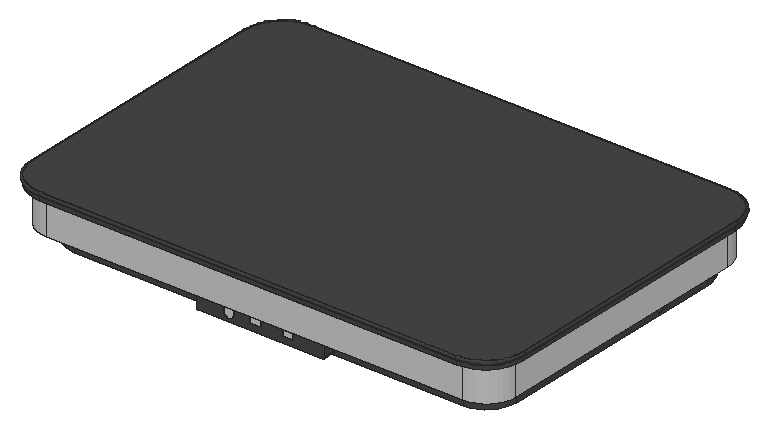
Revit family "QF_Vollrath_59508DW_cat", category Specialty Equipment, Revit 2016
Family settings
  Part Type = Normal
  Round Connector Dimension = Use Diameter
  OmniClass Number = 23.40.40.00
  OmniClass Title = Food Service Equipment and Furnishings
  Work Plane-Based = Yes
  Always vertical = Yes
  Cut with Voids When Loaded = Yes
  Shared = No
  Room Calculation Point = No
Parameters (values of type "120/50/1")
  Width = 23"
  Weight in Pounds = 14.9
  Watts = 375 W
  Watermarked By = ""
  Volts = 120 V
  URL Cutsheet = ""
  Status [instance] = ""
  Specification by User [instance] = ""
  Specification by Manufacturer [instance] = ""
  Serial Number [instance] = ""
  Revision Code [instance] = ""
  Phase = 1
  Number of Poles [instance] = 1
  NAFEM Spec ID Number [instance] = ""
  Model = "59508DW"
  Masterspec [instance] = ""
  Manufacturer = "Vollrath"
  Item Number [instance] = "-"
  Installed By [instance] = ""
  Furnished By [instance] = ""
  Foodservice Equipment Identifier = yes
  FL Amps = 3.15 A
  Electrical Remarks [instance] = ""
  Electric Connection Type = ""
  Elec Conn RI Height [instance] = 0"
  Elec Conn Connection Height = 0"
  Description = "Buffet Induction Warmer"
  Depth = 16"
  Default Elevation = 36"
  Cycle = 50 Hz
  Conn Plug = "NEMA 5-15P"
  CSI MasterFormat = ""
  Apparent Power = if(Phase = 3, Volts * FL Amps * 1.73, Volts * FL Amps)  # 378 VA
Types (3): name | Cycle
  (no name) | 50 Hz
  120/50/1 | 50 Hz
  120/60/1 | 60 Hz
Reference planes (in)
  plane 1 "BACK": y = 0
  plane 2 "BOTTOM": z = -2.69
  plane 3 "LEFT": x = -16.56573
  plane 4 "RIGHT": x = 6.43427
  plane 5 "FRONT": y = -16
  plane 6 "TOP": z = 0.38
  plane 7 "Leg Left": x = -14.56573
  plane 8 "Leg Right": x = 4.43427
  plane 9 "Leg Front": y = -13.57
  plane 10 "Leg Back": y = -2.43
  plane 11 "Top of Legs": z = -2.47
  plane 12 "Bottom of Body": z = -1.63
  plane 13 "Bottom of Lip": z = 0
  plane 14: z = 0.21
  plane 15: x = -5.06573
  plane 16: y = -8
Forms (in)
  Extrusion 1, void
    sketch origin (0, 0, -2.69) x (1, 0, 0) y (0, 1, 0)
      loop
        line (-16.22198, -1.71875) -> (-16.22198, -14.28125)
        arc (-16.22198, -14.28125) -> (-15.81925, -15.25352) -> (-14.84698, -15.65625) r 1.375
        line (-14.84698, -15.65625) -> (4.71552, -15.65625)
        arc (4.71552, -15.65625) -> (5.6878, -15.25352) -> (6.09052, -14.28125) r 1.375
        line (6.09052, -14.28125) -> (6.09052, -1.71875)
        arc (6.09052, -1.71875) -> (5.6878, -0.74648) -> (4.71552, -0.34375) r 1.375
        line (4.71552, -0.34375) -> (-14.84698, -0.34375)
        arc (-14.84698, -0.34375) -> (-15.81925, -0.74648) -> (-16.22198, -1.71875) r 1.375
    from 0 to 2.69
Lines and regions (in)
  symbolic lines, style "QF_Details_Cutout"
    curve 1: line (-16.22198, -16, 0.38) -> (-16.22198, -16, 1.38)
    curve 2: line (6.09052, -16, 0.38) -> (6.09052, -16, 1.38)
    curve 3: line (4.43427, -0.34375, 0.38) -> (4.43427, -0.34375, 1.38)
    curve 4: line (4.43427, -15.65625, 0.38) -> (4.43427, -15.65625, 1.38)
Dimensions and locks (in)
  "Width": plane 3 "LEFT" to plane 4 "RIGHT"
  "Depth": plane 5 "FRONT" to plane 1 "BACK"
  locked: plane 3 "LEFT" to plane 7 "Leg Left" at 2
  locked: plane 8 "Leg Right" to plane 4 "RIGHT" at 2
  locked: plane 10 "Leg Back" to plane 1 "BACK" at 2.43
  locked: plane 9 "Leg Front" to plane 5 "FRONT" at 2.43
  level to plane 11 "Top of Legs" = 2.47"
  locked: plane 12 "Bottom of Body" to plane 11 "Top of Legs" at 0.84
  plane 14 to plane 13 "Bottom of Lip" = 0.21"
  locked: plane 6 "TOP" to plane 14 at 0.17
  equal spacing: plane 3 "LEFT", plane 15, plane 4 "RIGHT"
  equal spacing: plane 5 "FRONT", plane 16, plane 1 "BACK"
  locked: plane 13 "Bottom of Lip" to plane 12 "Bottom of Body" at 1.63
  aligned and locked: level to Extrusion 1
Automatic sketch dimensions
  Extrusion 1 sketch curve to plane 7 "Leg Left" = 9/32"  (x2)
  Extrusion 1 sketch curve to plane 10 "Leg Back" = 0.71125"
  plane 1 "BACK" to Extrusion 1 sketch curve = 11/32"
  plane 8 "Leg Right" to Extrusion 1 sketch curve = 9/32"  (x2)
  Extrusion 1 sketch curve to plane 9 "Leg Front" = 0.71125"  (x2)
  curve 1 to plane 6 "TOP" = 0"
  curve 1 to plane 15 = 11 5/32"
  plane 15 to curve 2 = 11 5/32"
  curve 2 to plane 6 "TOP" = 0"
  curve 2 to curve 2 = 1"
  curve 1 to curve 1 = 1"
  curve 3 to plane 6 "TOP" = 0"
  plane 16 to curve 3 = 7 21/32"
  curve 4 to plane 16 = 7 21/32"
  curve 4 to plane 6 "TOP" = 0"
  curve 4 to curve 4 = 1"
  curve 3 to curve 3 = 1"
Nested families (in)
  nested 1: "QF_Vollrath_59508DW_Nested" at (0, 0, 0), type "QF_Vollrath_59508DW_Nested"
Definition of nested family "QF_Vollrath_59508DW_Nested"
  Parameters
    Model = "59508DW"
    Manufacturer = "Vollrath"
    Description = "Buffet Induction Warmer"
  Reference planes (in)
    plane 1 "BACK": y = 0
    plane 2: z = -2.69
    plane 3 "LEFT": x = -16.56573
    plane 4 "RIGHT": x = 6.43427
    plane 5 "FRONT": y = -16
    plane 6 "TOP": z = 0.38
    plane 7 "Leg Left": x = -14.56573
    plane 8 "Leg Right": x = 4.43427
    plane 9 "Leg Front": y = -13.57
    plane 10 "Leg Back": y = -2.43
    plane 11 "Top of Legs": z = -2.47
    plane 12 "Bottom of Body": z = -1.63
    plane 13 "Bottom of Lip": z = 0
    plane 14: z = 0.21
    plane 15: x = -5.06573
    plane 16: y = -8
  Forms (in)
    Revolve 1, solid
      sketch origin (-14.56573, 0, -2.69) x (0, 1, 0) y (0, 0, 1)
        loop
          line (-2.43, 0) -> (-2.24712, 0)
          arc (-2.24712, 0) -> (-2.23225, 0.00394) -> (-2.22129, 0.01474) r 0.03
          line (-2.22129, 0.01474) -> (-2.1, 0.22) -> (-2.43, 0.22) -> (-2.43, 0)
        axis (-2.43, 0) -> (-2.43, 0.22)
      angle from 0 to 360
    Revolve 2, solid
      sketch origin (-14.56573, 0, -2.69) x (0, 1, 0) y (0, 0, 1)
        loop
          line (-13.57, 0.22) -> (-13.9, 0.22) -> (-13.77871, 0.01474)
          arc (-13.77871, 0.01474) -> (-13.76775, 0.00394) -> (-13.75288, 0) r 0.03
          line (-13.75288, 0) -> (-13.57, 0) -> (-13.57, 0.22)
        axis (-13.57, 0) -> (-13.57, 0.22)
      angle from 0 to 360
    Revolve 3, solid
      sketch origin (4.43427, 0, -2.69) x (0, 1, 0) y (0, 0, 1)
        loop
          line (-2.43, 0.22) -> (-2.43, 0) -> (-2.24712, 0)
          arc (-2.24712, 0) -> (-2.23225, 0.00394) -> (-2.22129, 0.01474) r 0.03
          line (-2.22129, 0.01474) -> (-2.1, 0.22) -> (-2.43, 0.22)
        axis (-2.43, 0) -> (-2.43, 0.22)
      angle from 0 to 360
    Revolve 4, solid
      sketch origin (4.43427, 0, -2.69) x (0, 1, 0) y (0, 0, 1)
        loop
          line (-13.57, 0.22) -> (-13.57, 0) -> (-13.38712, 0)
          arc (-13.38712, 0) -> (-13.37225, 0.00394) -> (-13.36129, 0.01474) r 0.03
          line (-13.36129, 0.01474) -> (-13.24, 0.22) -> (-13.57, 0.22)
        axis (-13.57, 0) -> (-13.57, 0.22)
      angle from 0 to 360
    Sweep 5, solid
      path origin (0, 0, 0.38) x (0, 1, 0) y (-1, 0, 0)
        loop
          arc (0, 14.76573) -> (-0.52721, 16.03852) -> (-1.8, 16.56573) r 1.8
          line (-1.8, 16.56573) -> (-14.2, 16.56573)
          arc (-14.2, 16.56573) -> (-15.47279, 16.03852) -> (-16, 14.76573) r 1.8
          line (-16, 14.76573) -> (-16, -4.63427)
          arc (-16, -4.63427) -> (-15.47279, -5.90707) -> (-14.2, -6.43427) r 1.8
          line (-14.2, -6.43427) -> (-1.8, -6.43427)
          arc (-1.8, -6.43427) -> (-0.52721, -5.90707) -> (0, -4.63427) r 1.8
          line (0, -4.63427) -> (0, 14.76573)
      profile origin (-5.06573, 0, 0.38) x (0, 1, 0) y (0, 0, 1)
        loop
          line (-0.085, 0) -> (-0.085, -0.17)
          arc (-0.085, -0.17) -> (0, -0.085) -> (-0.085, 0) r 0.085
    Extrusion 6, solid
      sketch origin (0, 0, 0.38) x (0, 1, 0) y (-1, 0, 0)
        loop
          arc (-0.085, 14.76573) -> (-0.58731, 15.97841) -> (-1.8, 16.48073) r 1.715
          line (-1.8, 16.48073) -> (-14.2, 16.48073)
          arc (-14.2, 16.48073) -> (-15.41269, 15.97841) -> (-15.915, 14.76573) r 1.715
          line (-15.915, 14.76573) -> (-15.915, -4.63427)
          arc (-15.915, -4.63427) -> (-15.41269, -5.84696) -> (-14.2, -6.34927) r 1.715
          line (-14.2, -6.34927) -> (-1.8, -6.34927)
          arc (-1.8, -6.34927) -> (-0.58731, -5.84696) -> (-0.085, -4.63427) r 1.715
          line (-0.085, -4.63427) -> (-0.085, 14.76573)
      from 0 to -0.17
    Extrusion 7, solid
      sketch origin (0, 0, 0) x (0, 1, 0) y (-1, 0, 0)
        loop
          line (-0.085, -4.63427) -> (-0.085, 14.76573)
          arc (-0.085, 14.76573) -> (-0.58731, 15.97841) -> (-1.8, 16.48073) r 1.715
          line (-1.8, 16.48073) -> (-14.2, 16.48073)
          arc (-14.2, 16.48073) -> (-15.41269, 15.97841) -> (-15.915, 14.76573) r 1.715
          line (-15.915, 14.76573) -> (-15.915, -4.63427)
          arc (-15.915, -4.63427) -> (-15.41269, -5.84696) -> (-14.2, -6.34927) r 1.715
          line (-14.2, -6.34927) -> (-1.8, -6.34927)
          arc (-1.8, -6.34927) -> (-0.58731, -5.84696) -> (-0.085, -4.63427) r 1.715
      from 0 to 0.21
    Extrusion 8, solid
      sketch origin (0, 0, 0) x (0, 1, 0) y (-1, 0, 0)
        loop
          arc (-1.8125, -5.99677) -> (-0.84023, -5.59405) -> (-0.4375, -4.62177) r 1.375
          line (-0.4375, -4.62177) -> (-0.4375, 14.75323)
          arc (-0.4375, 14.75323) -> (-0.84023, 15.7255) -> (-1.8125, 16.12823) r 1.375
          line (-1.8125, 16.12823) -> (-14.1875, 16.12823)
          arc (-14.1875, 16.12823) -> (-15.15977, 15.7255) -> (-15.5625, 14.75323) r 1.375
          line (-15.5625, 14.75323) -> (-15.5625, -4.62177)
          arc (-15.5625, -4.62177) -> (-15.15977, -5.59405) -> (-14.1875, -5.99677) r 1.375
          line (-14.1875, -5.99677) -> (-1.8125, -5.99677)
      from 0 to -1.63
    Extrusion 9, solid
      sketch origin (0, 0, -2.47) x (0, 1, 0) y (-1, 0, 0)
        loop
          arc (-0.8125, 14.12823) -> (-1.21523, 15.1005) -> (-2.1875, 15.50323) r 1.375
          line (-2.1875, 15.50323) -> (-13.3125, 15.50323)
          arc (-13.3125, 15.50323) -> (-14.28477, 15.1005) -> (-14.6875, 14.12823) r 1.375
          line (-14.6875, 14.12823) -> (-14.6875, -3.99677)
          arc (-14.6875, -3.99677) -> (-14.28477, -4.96905) -> (-13.3125, -5.37177) r 1.375
          line (-13.3125, -5.37177) -> (-2.1875, -5.37177)
          arc (-2.1875, -5.37177) -> (-1.21523, -4.96905) -> (-0.8125, -3.99677) r 1.375
          line (-0.8125, -3.99677) -> (-0.8125, 14.12823)
      from 0 to 0.84
    Extrusion 10, solid
      sketch origin (0, -16, -2.69) x (-1, 0, 0) y (0, 0, 1)
        loop
          arc (8.06573, 0.935) -> (8.02911, 1.02339) -> (7.94073, 1.06) r 0.125
          line (7.94073, 1.06) -> (2.19073, 1.06)
          arc (2.19073, 1.06) -> (2.10234, 1.02339) -> (2.06573, 0.935) r 0.125
          line (2.06573, 0.935) -> (2.06573, 0.345)
          arc (2.06573, 0.345) -> (2.10234, 0.25661) -> (2.19073, 0.22) r 0.125
          line (2.19073, 0.22) -> (7.94073, 0.22)
          arc (7.94073, 0.22) -> (8.02911, 0.25661) -> (8.06573, 0.345) r 0.125
          line (8.06573, 0.345) -> (8.06573, 0.935)
        loop
          line (5.06573, 0.765) -> (5.06573, 0.515) -> (5.56573, 0.515) -> (5.56573, 0.765) -> (5.06573, 0.765)
        loop
          circle (6.56573, 0.64) r 0.25
        loop
          line (3.56573, 0.765) -> (3.56573, 0.515) -> (4.06573, 0.515) -> (4.06573, 0.765) -> (3.56573, 0.765)
      from 0.8125 to 1.3125
    Extrusion 11, solid
      sketch origin (0, -15.1875, -2.69) x (1, 0, 0) y (0, 0, 1)
        loop
          circle (-6.56573, 0.64) r 0.25
        loop
          line (-5.06573, 0.515) -> (-5.06573, 0.765) -> (-5.56573, 0.765) -> (-5.56573, 0.515) -> (-5.06573, 0.515)
        loop
          line (-4.06573, 0.515) -> (-3.56573, 0.515) -> (-3.56573, 0.765) -> (-4.06573, 0.765) -> (-4.06573, 0.515)
      from 0 to -0.5
    Extrusion 12, solid
      sketch origin (6.43427, 0, -2.69) x (0, 1, 0) y (0, 0, 1)
        loop
          circle (-5.215, 0.64) r 0.125
      from -1.0625 to -0.87637
  Lines and regions (in)
    symbolic lines
      curve 1: line (-14.76573, 0, 0) -> (4.63427, 0, 0)
      curve 2: line (-16.56573, -14.2, 0) -> (-16.56573, -1.8, 0)
      curve 3: line (4.63427, -16, 0) -> (-14.76573, -16, 0)
      curve 4: line (6.43427, -1.8, 0) -> (6.43427, -14.2, 0)
      curve 5: arc (-16.56573, -1.8, 0) -> (-16.03852, -0.52721, 0) -> (-14.76573, 0, 0) r 1.8
      curve 6: arc (6.43427, -1.8, 0) -> (5.90707, -0.52721, 0) -> (4.63427, 0, 0) r 1.8
      curve 7: arc (4.63427, -16, 0) -> (5.90707, -15.47279, 0) -> (6.43427, -14.2, 0) r 1.8
      curve 8: arc (-14.76573, -16, 0) -> (-16.03852, -15.47279, 0) -> (-16.56573, -14.2, 0) r 1.8
      curve 9: line (-16.22198, -1.71875, 0) -> (-16.22198, -14.28125, 0)
      curve 10: line (6.09052, -1.71875, 0) -> (6.09052, -14.28125, 0)
      curve 11: line (-14.84698, -0.34375, 0) -> (4.71552, -0.34375, 0)
      curve 12: line (-14.84698, -15.65625, 0) -> (4.71552, -15.65625, 0)
      curve 13: arc (-16.22198, -1.71875, 0) -> (-15.81925, -0.74648, 0) -> (-14.84698, -0.34375, 0) r 1.375
      curve 14: arc (-16.22198, -14.28125, 0) -> (-15.81925, -15.25352, 0) -> (-14.84698, -15.65625, 0) r 1.375
      curve 15: arc (4.71552, -15.65625, 0) -> (5.6878, -15.25352, 0) -> (6.09052, -14.28125, 0) r 1.375
      curve 16: arc (6.09052, -1.71875, 0) -> (5.6878, -0.74648, 0) -> (4.71552, -0.34375, 0) r 1.375
  Dimensions and locks (in)
    plane 6 "TOP" to plane 2 = 3.07"
    plane 3 "LEFT" to plane 4 "RIGHT" = 23"
    plane 5 "FRONT" to plane 1 "BACK" = 16"
    locked: plane 3 "LEFT" to plane 7 "Leg Left" at 2
    locked: plane 8 "Leg Right" to plane 4 "RIGHT" at 2
    locked: plane 10 "Leg Back" to plane 1 "BACK" at 2.43
    locked: plane 9 "Leg Front" to plane 5 "FRONT" at 2.43
    level to plane 11 "Top of Legs" = 2.47"
    locked: plane 12 "Bottom of Body" to plane 11 "Top of Legs" at 0.84
    plane 14 to plane 13 "Bottom of Lip" = 0.21"
    locked: plane 6 "TOP" to plane 14 at 0.17
    equal spacing: plane 3 "LEFT", plane 15, plane 4 "RIGHT"
    equal spacing: plane 5 "FRONT", plane 16, plane 1 "BACK"
    aligned and locked: Revolve 3 sketch curve to Revolve 1
    aligned and locked: plane 9 "Leg Front" to Revolve 4 sketch curve
    aligned and locked: plane 1 "BACK" to Sweep 5 sketch curve
    aligned and locked: plane 3 "LEFT" to Sweep 5 sketch curve
    aligned and locked: plane 5 "FRONT" to Sweep 5 sketch curve
    aligned and locked: Sweep 5 sketch curve to plane 4 "RIGHT"
    aligned and locked: Extrusion 6 sketch curve to Sweep 5  (x4)
    aligned and locked: Extrusion 6 to plane 14
    aligned and locked: Extrusion 7 sketch curve to Extrusion 6  (x4)
    aligned and locked: plane 14 to Extrusion 7
    aligned and locked: Extrusion 8 to plane 12 "Bottom of Body"
    aligned and locked: plane 1 "BACK" to curve 1
    aligned and locked: plane 3 "LEFT" to curve 2
    aligned and locked: plane 5 "FRONT" to curve 3
    aligned and locked: curve 4 to plane 4 "RIGHT"
    aligned and locked: plane 12 "Bottom of Body" to Extrusion 9
    aligned and locked: Extrusion 10 sketch curve to plane 11 "Top of Legs"
    aligned and locked: plane 12 "Bottom of Body" to Extrusion 10 sketch curve
    aligned and locked: Extrusion 10 to Extrusion 11
  Automatic sketch dimensions
    Revolve 1 sketch curve to level = 2.69"  (x2)
    Revolve 1 sketch curve to plane 10 "Leg Back" = 0"  (x2)
    Revolve 1 sketch curve to plane 11 "Top of Legs" = 0"  (x2)
    Revolve 1 sketch curve to Revolve 1 sketch curve = 0.18288"
    Revolve 1 sketch curve to level = 2.67526"
    Revolve 1 sketch curve to Revolve 1 sketch curve = 0.02583"
    Revolve 1 sketch curve to Revolve 1 sketch curve = 0.12129"
    Revolve 2 sketch curve to plane 11 "Top of Legs" = 0"  (x2)
    Revolve 2 sketch curve to level = 2.69"  (x2)
    Revolve 2 sketch curve to plane 9 "Leg Front" = 0"  (x2)
    Revolve 2 sketch curve to plane 9 "Leg Front" = 0.18288"
    Revolve 2 sketch curve to level = 2.67526"
    Revolve 2 sketch curve to Revolve 2 sketch curve = 0.12129"
    Revolve 2 sketch curve to Revolve 2 sketch curve = 0.01526"
    Revolve 3 sketch curve to level = 2.69"  (x2)
    Revolve 3 sketch curve to plane 10 "Leg Back" = 0"  (x2)
    Revolve 3 sketch curve to plane 11 "Top of Legs" = 0"
    Revolve 3 sketch curve to level = 2.66"
    Revolve 3 sketch curve to plane 10 "Leg Back" = 0.18288"
    Revolve 3 sketch curve to level = 2.67526"
    Revolve 3 sketch curve to Revolve 3 sketch curve = 0.12129"
    Revolve 4 sketch curve to plane 9 "Leg Front" = 0"
    Revolve 4 sketch curve to level = 2.69"  (x2)
    Revolve 4 sketch curve to plane 11 "Top of Legs" = 0"  (x2)
    Revolve 4 sketch curve to level = 2.66"
    plane 9 "Leg Front" to Revolve 4 sketch curve = 0.18288"
    Revolve 4 sketch curve to level = 2.67526"
    Revolve 4 sketch curve to Revolve 4 sketch curve = 0.12129"
    Sweep 5 sketch curve to plane 9 "Leg Front" = 0.63"  (x2)
    Sweep 5 sketch curve to plane 10 "Leg Back" = 0.63"
    plane 8 "Leg Right" to Sweep 5 sketch curve = 0.2"
    profile plane to Sweep 5 sketch curve = 0.085"  (x2)
    plane 8 "Leg Right" to Extrusion 6 sketch curve = 0.2"  (x2)
    Extrusion 6 sketch curve to plane 7 "Leg Left" = 0.2"  (x2)
    plane 8 "Leg Right" to Extrusion 7 sketch curve = 0.2"  (x2)
    Extrusion 7 sketch curve to plane 7 "Leg Left" = 0.2"
    Extrusion 7 sketch curve to plane 10 "Leg Back" = 0.63"
    Sweep 5 sketch curve to plane 6 "TOP" = 0"  (x2)
    Sweep 5 sketch curve to Sweep 5 sketch curve = 0.085"
    Sweep 5 sketch curve to Sweep 5 sketch curve = 0"
    plane 5 "FRONT" to Extrusion 8 sketch curve = 7/16"
    Extrusion 8 sketch curve to plane 4 "RIGHT" = 7/16"
    Extrusion 8 sketch curve to plane 9 "Leg Front" = 0.6175"  (x2)
    Extrusion 8 sketch curve to plane 7 "Leg Left" = 3/16"  (x2)
    plane 8 "Leg Right" to Extrusion 8 sketch curve = 3/16"
    Extrusion 8 sketch curve to plane 10 "Leg Back" = 0.6175"
    Extrusion 9 sketch curve to plane 9 "Leg Front" = 1.1175"
    plane 9 "Leg Front" to Extrusion 9 sketch curve = 0.2575"  (x2)
    Extrusion 9 sketch curve to plane 10 "Leg Back" = 0.2425"  (x2)
    Extrusion 9 sketch curve to plane 8 "Leg Right" = 7/16"
    plane 1 "BACK" to Extrusion 9 sketch curve = 13/16"
    plane 7 "Leg Left" to Extrusion 9 sketch curve = 7/16"
    Extrusion 10 sketch curve to plane 15 = 0"
    Extrusion 10 sketch curve to plane 12 "Bottom of Body" = 0.295"
    Extrusion 10 sketch curve to Extrusion 10 sketch curve = 1"  (x2)
    Extrusion 10 sketch curve to Extrusion 10 sketch curve = 1/2"
    plane 11 "Top of Legs" to Extrusion 10 sketch curve = 1/8"  (x2)
    Extrusion 10 sketch curve to Extrusion 10 sketch curve = 1 3/8"  (x2)
    Extrusion 10 sketch curve to Extrusion 10 sketch curve = 1/8"
    Extrusion 10 sketch curve to plane 15 = 1/2"
    plane 11 "Top of Legs" to Extrusion 10 sketch curve = 0.42"
    Extrusion 10 sketch curve to Extrusion 10 sketch curve = 0"
    plane 11 "Top of Legs" to Extrusion 10 sketch curve = 0.295"
    Extrusion 10 sketch curve to Extrusion 10 sketch curve = 1/4"  (x2)
    Extrusion 11 sketch curve to Extrusion 10 = 0"  (x7)
    Extrusion 10 to Extrusion 11 sketch curve = 0"
    plane 11 "Top of Legs" to Extrusion 12 sketch curve = 0.42"
    plane 10 "Leg Back" to Extrusion 12 sketch curve = 2.785"
    plane 5 "FRONT" to curve 12 = 11/32"
    curve 14 to plane 7 "Leg Left" = 9/32"
    curve 10 to plane 4 "RIGHT" = 11/32"
    curve 10 to plane 9 "Leg Front" = 0.71125"
    curve 15 to curve 4 = 0.08125"
    curve 14 to curve 8 = 0.08125"
    curve 4 to plane 10 "Leg Back" = 0.63"
    curve 2 to plane 10 "Leg Back" = 0.63"
    curve 5 to curve 13 = 0.08125"
    curve 6 to curve 16 = 0.08125"
    curve 11 to plane 7 "Leg Left" = 9/32"
    curve 16 to curve 6 = 0.08125"
    radius of Extrusion 10 sketch curve = 1/4"
    radius of Extrusion 11 sketch curve to Extrusion 10 = 0"
    radius of Extrusion 12 sketch curve = 1/8"
